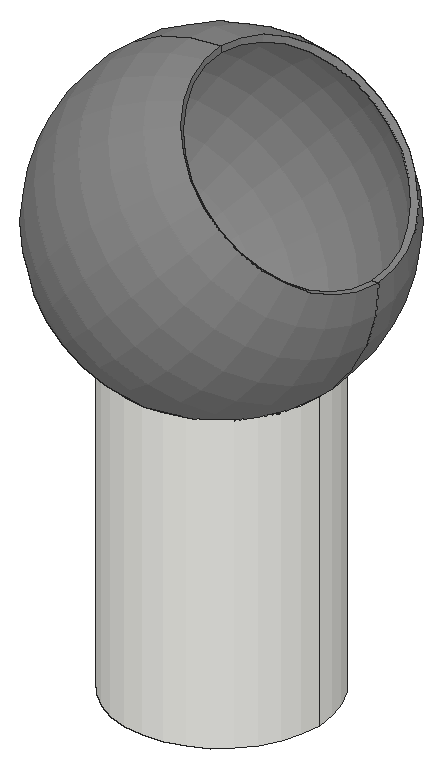
Revit family "M_Spot de luz - Exterior", category Luminárias, Revit 2019
Family settings
  Cota do conector redondo = Utilizar diâmetro
  Tipo de parte = Normal
  Número OmniClass = 23.80.70.14.17
  Título OmniClass = Exterior Spotlights
  ID de item do Seek = Spot Light - Exterior-0000-CAN-ENU
  Com base no plano de trabalho = Não
  Sempre na vertical = Sim
  Corte com vazios quando carregada = Não
  Fonte luminosa = Sim
  Compartilhado = Não
  Ponto de cálculo do ambiente = Não
Parameters (values of type "175W Metal Haleto - 120V")
  Wattage = 175 W
  built-in parameter 1150110 = 1 (stored number, unit not read)
  built-in parameter 1114217 = 1 (stored number, unit not read)
  built-in parameter 1150109 = 1 (stored number, unit not read)
  built-in parameter 1150134 = 12
  built-in parameter 1150113 = 1 (stored number, unit not read)
  Tilt Angle = -120.00°
  Arquivo de rede fotométrica = "SLE1BT28.IES"
  built-in parameter 1150115 = 1 (stored number, unit not read)
  built-in parameter 1150105 = 1018.6 (stored number, unit not read)
  Classificação de carga = Iluminação - Externa
  built-in parameter 1150137 = 1
  built-in parameter 1150139 = (empty or 0)
  built-in parameter 1150112 = 1 (stored number, unit not read)
  built-in parameter 1150114 = 1 (stored number, unit not read)
  built-in parameter 1150132 = (empty or 0)
  built-in parameter 1150102 = (empty or 0)
  built-in parameter 1150138 = (empty or 0)
  built-in parameter 1150107 = 4000 (stored number, unit not read)
  built-in parameter 1150106 = 10.186 (stored number, unit not read)
  built-in parameter 1150104 = 6.7949 (stored number, unit not read)
  Dimming Lamp Color Temperature Shift = (empty or 0)
  Color Filter = 16777215
  Voltagem do transformador = 120 V
  Transformador por número de postes = 1
  built-in parameter 1114218 = 1 (stored number, unit not read)
  built-in parameter 1150133 = 10 (stored number, unit not read)
  Código de montagem = "D5020230"
  Lâmpada = "BT-28"
  Lumens = 12799.5 lm
  Sombra = Aço, acabamento de pintura, cinza escuro, fosco
  Suporte = Aço, acabamento de pintura, marfim, com brilho
  Comentários de voltagem = "175"
  Carga aparente = 175 VA
Types (5, lengths in mm): name | Wattage | built-in parameter 1150134 | Arquivo de rede fotométrica | built-in parameter 1150105 | built-in parameter 1150107 | built-in parameter 1150106 | built-in parameter 1150104 | Voltagem do transformador | Lâmpada | Lumens | Sombra | Comentários de voltagem | Carga aparente
  (no name) | 175 W | 12 | "SLE1BT28.IES" | 1018.6 (stored number, unit not read) | 4000 (stored number, unit not read) | 10.186 (stored number, unit not read) | 6.7949 (stored number, unit not read) | 120 V | "BT-28" | 12799.5 lm | Aço, acabamento de pintura, cinza escuro, fosco | "175" | 175 VA
  300W Incandescente - 120V | 300 W | 4 | "SLE1PS30.IES" | 486.3 (stored number, unit not read) | 2800 (stored number, unit not read) | 4.863 (stored number, unit not read) | 1.8924 (stored number, unit not read) | 120 V | "PS-30" | 6111 lm | Aço, acabamento de pintura, marfim, com brilho | "300" | 300 VA
  175W Metal Haleto - 120V | 175 W | 12 | "SLE1BT28.IES" | 1018.6 (stored number, unit not read) | 4000 (stored number, unit not read) | 10.186 (stored number, unit not read) | 6.7949 (stored number, unit not read) | 120 V | "BT-28" | 12799.5 lm | Aço, acabamento de pintura, cinza escuro, fosco | "175" | 175 VA
  175W Metal Haleto - 277V | 175 W | 12 | "SLE1BT28.IES" | 1018.6 (stored number, unit not read) | 4000 (stored number, unit not read) | 10.186 (stored number, unit not read) | 6.7949 (stored number, unit not read) | 277 V | "BT-28" | 12799.5 lm | Aço, acabamento de pintura, cinza escuro, fosco | "175" | 175 VA
  300W Incandescente - 277V | 300 W | 4 | "SLE1PS30.IES" | 486.3 (stored number, unit not read) | 2800 (stored number, unit not read) | 4.863 (stored number, unit not read) | 1.8924 (stored number, unit not read) | 277 V | "PS-30" | 6111 lm | Aço, acabamento de pintura, marfim, com brilho | "300" | 300 VA
Reference planes
  plane 1 "Eixo de origem da luz": y = 0
  plane 2: z = 0
  plane 3 "Eixo de origem da luz": x = 0
  plane 4 "Elevação da origem da luz": z = 431.8
Forms (mm)
  Extrusion 1, solid, material "Aço, acabamento de pintura, marfim, com brilho" <- "Suporte"
    sketch origin (0, 0, 0) x (1, 0, 0) y (0, 1, 0)
      loop
        circle (0, 0) r 101.6
      loop
        circle (0, 0) r 76.2
    from 0 to 304.8
  Revolve 2, solid, material "Aço, acabamento de pintura, cinza escuro, fosco" <- "Sombra"
    sketch origin (0, 0, 0) x (1, 0, 0) y (0, 0, 1)
      loop
        arc (0, 594.439) -> (-150.259, 494.039) -> (-115.003, 316.797) r 162.639
        line (-115.003, 316.797) -> (-110.513, 321.287)
        arc (-110.513, 321.287) -> (-144.393, 491.609) -> (0, 588.089) r 156.289
        line (0, 588.089) -> (0, 594.439)
      axis (-115.003, 316.797) -> (81.32, 513.12)
    angle from 0 to 360
Lines and regions (mm)
  symbolic lines
    curve 1: arc (163.606, 0, 0) -> (0, 163.606, 0) -> (-163.606, 0, 0) r 163.606
    curve 2: arc (-163.606, 0, 0) -> (0, -163.606, 0) -> (163.606, 0, 0) r 163.606
    curve 3: line (0, 26.672, 0) -> (200.224, 142.272, 0)
    curve 4: line (0, -22.013, 0) -> (198.998, -136.905, 0)
    curve 5: line (0, 26.672, 0) -> (0, -22.013, 0)
    curve 6: arc (200.224, 142.272, 0) -> (249.229, 2.466, 0) -> (198.998, -136.905, 0) r 221.16
Dimensions and locks
  aligned and locked: plane 3 "Eixo de origem da luz" to imposter light
  aligned and locked: plane 1 "Eixo de origem da luz" to imposter light
  aligned and locked: plane 4 "Elevação da origem da luz" to imposter light
Connectors
  electrical at (0, 0, 304.8), driven by "Carga aparente", driven by "Voltagem do transformador", driven by "Transformador por número de postes", driven by "Classificação de carga"
    settings: on Extrusion 1, index 1, voltage 120 V, apparent load 0 VA, apparent load phase1 175 VA, apparent load phase2 0 VA, apparent load phase3 0 VA, power factor 0.95, load classification "Iluminação - Externa", number of poles 1, system type 31, power factor state 1, is connector primary yes, connector utility no, sub classification motor no, connector description ""
